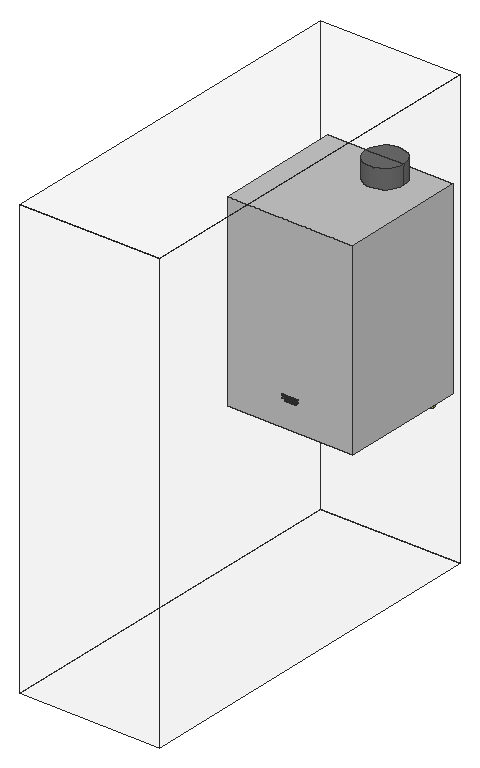
Revit family "Remeha_QuintaAce90_LOD3", category Mechanical Equipment, Revit 2016
Family settings
  Part Type = Normal
  Round Connector Dimension = Use Diameter
  OmniClass Number = 23.75.10.11.14
  OmniClass Title = Hot Water Heat Generators
  Work Plane-Based = No
  Always vertical = Yes
  Cut with Voids When Loaded = Yes
  Shared = No
  Room Calculation Point = No
Parameters (values of type "100/150 Concentric Flue Connection - 150 Connector")
  Weekly = ""
  Water Treatment Required = yes
  Water Content = 9.4 L
  Warranty ID = ""
  Voltage = 230 V
  URL = ""
  Type = "Space heating"
  Turndown Ratio = "5.89:1"
  Text Material = Paint - Black
  Supply Phase = 1
  Starting Current = 0 A
  Sound Pressure Level = "51.6"
  Shipping Weight = 76.50 kg
  Shape = "Rectangular (Vertical)"
  Safety Valve Connection Type = "Unset"
  Safety Valve Connection Size = 0.00 mm
  Responsible Sourcing of Materials = ""
  Responsible Extraction of Materials = ""
  Reference Standard = "GAR 2016/426, BED 92/42/EEC, ErP 2009/125/EC"
  Rated Output = 84200 W
  Rated Criteria = "80/60"
  Quarterly = ""
  Product Range = "Quinta Ace 90"
  Product Model Number = ""
  Product Literature = "https://www.remeha.co.uk/products/wall-hung-range/quinta-ace-30-115"
  Primary Fuel = "Gas - NG"
  Overall Width = 500.00 mm
  Overall Length = 500.00 mm
  Overall Height = 750.00 mm
  Optional Fuel = "LPG"
  Operation and Maintenance Manual = "https://www.remeha.co.uk/products/wall-hung-range/quinta-ace-30-115"
  Oil Consumption rate = 0
  Nominal Oil Inlet Pressure = 0.00000 bar
  Nominal Gas Inlet Pressure = 0.02000 bar
  NOx Emissions = "29"
  Mounting = "Wall Mounted"
  Monthly = ""
  Model = ""
  Minimum Power Consumption = 26 W
  Minimum Operating Pressure = 0.80000 bar
  Minimum Oil Inlet Pressure = 0.00000 bar
  Minimum Gas Inlet Pressure = 0.01700 bar
  Minimum Flow Rate at 20C temperature differential = 1.01 L/s
  Minimum Flow Rate at 11C temperature differential = 1.83 L/s
  Maximum Power Consumption = 114 W
  Maximum Operating Pressure = 4.00000 bar
  Maximum Oil Inlet Pressure = 0.00000 bar
  Maximum Gas Inlet Pressure = 0.02500 bar
  Material Ingredient Reporting = ""
  Manufacturer Website = "www.remeha.co.uk"
  Manufacturer = "Remeha Commercial"
  Maintenance Required 8001 to 12000hrs = ""
  Maintenance Required 601 to 1000hrs = ""
  Maintenance Required 4001 to 8000hrs = ""
  Maintenance Required 301 to 600hrs = ""
  Maintenance Required 2001 to 4000hrs = ""
  Maintenance Required 1001 to 2000hrs = ""
  Maintenance Required 0 to 300hrs = ""
  Location of Manufacturer = ""
  Load Classification = none
  Life Cycle Analysis = ""
  Interlocks = yes
  IfcExportType = "NOTDEFINED"  # constant formula
  IfcExportAs = "IfcBoilerType"  # constant formula
  IP Rating = "X4D"
  IK Rating = "Not Required"
  Hydraulic Resistance at 20C temperature differential = 0.15300 bar
  Hydraulic Resistance at 11C temperature differential = 0.50600 bar
  Heater Operation = "Condensing"
  Heat Exchanger Material = "Aluminium"
  Gross Weight = 74.60 kg
  Green Guide for Specification = ""
  Gas Consumption rate = "9.1"
  Fuse Rating = 2.5 A
  Full Load Current = 0 A
  Fuel Connection Type = "Threaded"
  Fuel Connection Size = 20.00 mm
  Frequency = 50 Hz
  Flue or Air Intake Classification = "B23P,B33,C13,C33,C53,C63,C93"
  Flue Radius = Air Inlet Connection Size / 2  # 75.00 mm
  Flue Connector Size = 150 mm
  Flue Connection size = 100.00 mm
  Flow and Return Connection Type = "Threaded"
  Flow and Return Connection Size = 32.00 mm
  Finish = "High Polish Gardner 60 GRAD 91EH"
  Features = "Remeha's Quinta Pro range are compact high efficiency wall hung condensing boilers. Lighter and more efficienct, their small size make them ideally suited to modular arrangments"
  External Material = "Steel"
  Expected Life = "15"
  ErP Seasonal Efficiency = ""
  ErP Rated Efficiency at Part Load = "97.4"
  ErP Rated Efficiency at Full Load = "88.2"
  ErP Energy Label = "0"
  Environmental Product Declaration = ""
  Energy Technology List = "0"
  Embodied Carbon = ""
  Drain Connection Type = "Unset"
  Drain Connection Size = 25.00 mm
  Description = ""
  Daily = ""
  Control Type = "'0 - 10V, Open Therm, Volt free enable, Direct boiler weather compensating control systems available from Remeha as optional extra's."
  Configuration = "Single boiler"
  Condensate Drain Type = "Plain"
  Condensate Drain Size = 32.00 mm
  Colour = "RAL 9016"
  Clearance Box Visibility [instance] = yes
  Classification.Uniclass.Pr.Number [instance] = "Pr_60_60_08_34"
  Classification.Uniclass.Pr.Description [instance] = "Gas fired Condensing Boilers"
  CE Mark = "0063CS3928"
  Burner Control Type = "Modulating"
  Building Regulations Seasonal Efficiency = "95.65"
  Bespoke Timeframe = ""
  BMS Links = yes
  Annually = "As Per Attached URL O&M Manual"
  Air Inlet Connection Size = 150.00 mm
  Additional Technical Details = "https://www.remeha.co.uk/products/wall-hung-range/quinta-ace-30-115"
  Access Clearance Top = 400.00 mm
  Access Clearance Right = 30.00 mm
  Access Clearance Rear = 0.00 mm
  Access Clearance Left = 30.00 mm
  Access Clearance Front = 1000.00 mm
  Access Clearance Bottom = 600.00 mm
  6 Monthly = ""
Types (2, lengths in mm): name | Flue Connector Size
  100/150 Conventional Flue Connection - 100 Connector | 100
  100/150 Concentric Flue Connection - 150 Connector | 150
Reference planes
  plane 1 "Center (Front/Back)": y = 0
  plane 2: z = 0
  plane 3 "Center (Left/Right)": x = 0
  plane 4: y = -50
  plane 5: y = -75
  plane 6: x = -115
  plane 7: x = 59
  plane 8: x = 119.4
  plane 9: x = 200
  plane 10: x = 250
  plane 11: y = -101
  plane 12: x = -250
  plane 13: y = -500
  plane 14: x = -280
  plane 15: x = 280
  plane 16: y = -1500
  plane 17: y = 0
  plane 18: z = 750
  plane 19: z = 1150
  plane 20: z = -600
  plane 21: z = 824.467
Forms (mm)
  Sweep 1, solid, material "101_240_115"
    path origin (453.507, -50, 3000) x (1, 0, 0) y (0, 0, 1)
      loop
        line (-568.507, -3039.462) -> (-568.507, -3000)
    profile origin (-115, -50, -19.731) x (-1, 0, 0) y (0, -1, 0)
      loop
        circle (0, 0) r 21.2
  Sweep 2, solid
    path origin (453.507, -75, 3000) x (1, 0, 0) y (0, 0, 1)
      loop
        line (-394.507, -3012.462) -> (-394.507, -3000)
    profile origin (59, -75, -6.231) x (-1, 0, 0) y (0, -1, 0)
      loop
        circle (0, 0) r 16.25
  Sweep 3, solid, material "229_0_0"
    path origin (687.907, -50, 3000) x (1, 0, 0) y (0, 0, 1)
      loop
        line (-568.507, -3039.662) -> (-568.507, -3000)
    profile origin (119.4, -50, -19.831) x (-1, 0, 0) y (0, -1, 0)
      loop
        circle (0, 0) r 21.2
  Sweep 4, solid, material "229_229_0"
    path origin (768.507, -50, 3000) x (1, 0, 0) y (0, 0, 1)
      loop
        line (-568.507, -3040) -> (-568.507, -3000)
    profile origin (200, -50, -20) x (-1, 0, 0) y (0, -1, 0)
      loop
        circle (0, 0) r 13.5
  Revolve 5, solid, material "51_51_51"
    sketch origin (453.507, -101, 2990) x (1, 0, 0) y (0, 0, 1)
      loop
        line (-394.507, -2240) -> (-319.507, -2240) -> (-319.507, -2165.533) -> (-394.507, -2165.533) -> (-394.507, -2240)
      axis (-394.507, -2165.533) -> (-394.507, -2240)
    angle from 0 to 360
  Extrusion 6, solid, material "192_192_192"
    sketch origin (0, 5.687, 0) x (1, 0, 0) y (0, 1, 0)
      loop
        line (-250, -5.687) -> (-250, -505.688) -> (250, -505.688) -> (250, -5.687) -> (-250, -5.687)
    from 0 to 750
  Extrusion 7, solid, material "Clearance", visible <- "Clearance Box Visibility"
    sketch origin (0, 0, 0) x (1, 0, 0) y (0, 1, 0)
      loop
        line (-280, 0) -> (-280, -1500) -> (280, -1500) -> (280, 0) -> (-280, 0)
    from -600 to 1150
  Extrusion 8, solid, material "Paint - Black" <- "Text Material"
    sketch origin (0, 0, 0) x (1, 0, 0) y (0, 0, 1)
      loop
        line (-30.625, 120.395) -> (-30.625, 118.213) -> (30.625, 118.213) -> (30.625, 120.395) -> (-30.625, 120.395)
      loop
        line (-30.625, 106.032) -> (30.625, 106.032) -> (30.625, 108.213) -> (-30.625, 108.213) -> (-30.625, 106.032)
      loop
        line (-28.307, 116.676) -> (-28.307, 109.282) -> (-20.805, 109.282) -> (-20.805, 112.183) -> (-19.053, 112.183)
        arc (-19.053, 112.183) -> (-18.314, 111.847) -> (-18.083, 111.068) r 0.979
        arc (-18.083, 111.068) -> (-18.083, 110.157) -> (-17.832, 109.282) r 3.272
        line (-17.832, 109.282) -> (-16.376, 109.282)
        arc (-16.376, 109.282) -> (-16.561, 110.336) -> (-16.618, 111.404) r 8.915
        arc (-16.618, 111.404) -> (-16.885, 112.268) -> (-17.601, 112.822) r 1.5
        arc (-17.601, 112.822) -> (-16.323, 115.034) -> (-18.28, 116.676) r 1.987
        line (-18.28, 116.676) -> (-20.805, 116.676) -> (-28.307, 116.676)
      loop
        line (-20.805, 115.402) -> (-20.805, 113.382) -> (-18.787, 113.382)
        arc (-18.787, 113.382) -> (-18.37, 113.534) -> (-18.148, 113.918) r 0.649
        arc (-18.148, 113.918) -> (-18.033, 114.426) -> (-18.159, 114.93) r 1.124
        arc (-18.159, 114.93) -> (-18.505, 115.276) -> (-18.976, 115.402) r 0.944
        line (-18.976, 115.402) -> (-20.805, 115.402)
      loop
        line (-26.948, 115.402) -> (-26.948, 110.655) -> (-22.202, 110.655) -> (-22.202, 115.402) -> (-26.948, 115.402)
      loop
        line (-9.068, 114.754) -> (-10.47, 114.754) -> (-10.47, 109.282) -> (-8.958, 109.282) -> (-8.958, 112.222)
        arc (-8.958, 112.222) -> (-8.681, 113.022) -> (-7.968, 113.478) r 1.291
        arc (-7.968, 113.478) -> (-7.458, 113.497) -> (-6.98, 113.316) r 1.291
        line (-6.98, 113.316) -> (-6.98, 114.889)
        arc (-6.98, 114.889) -> (-8.226, 114.723) -> (-9.068, 113.79) r 1.823
        line (-9.068, 113.79) -> (-9.068, 114.754)
      loop
        line (-5.139, 111.705) -> (-1.277, 111.705)
        arc (-1.277, 111.705) -> (-3.967, 114.88) -> (-6.562, 111.627) r 2.694
        arc (-6.562, 111.627) -> (-4.23, 109.192) -> (-1.394, 111.016) r 2.651
        line (-1.394, 111.016) -> (-2.704, 111.016)
        arc (-2.704, 111.016) -> (-4.224, 110.293) -> (-5.139, 111.705) r 1.276
      loop
        line (-5.147, 112.62) -> (-2.707, 112.62)
        arc (-2.707, 112.62) -> (-3.927, 113.841) -> (-5.147, 112.62) r 1.22
      loop
        line (1.337, 113.988) -> (1.337, 114.776) -> (-0.066, 114.776) -> (-0.066, 109.389) -> (1.396, 109.389) -> (1.396, 112.819)
        arc (1.396, 112.819) -> (2.357, 113.78) -> (3.318, 112.819) r 0.961
        line (3.318, 112.819) -> (3.318, 109.389) -> (4.781, 109.389) -> (4.781, 112.819)
        arc (4.781, 112.819) -> (5.723, 113.761) -> (6.665, 112.819) r 0.942
        line (6.665, 112.819) -> (6.665, 109.389) -> (8.107, 109.389) -> (8.107, 112.925)
        arc (8.107, 112.925) -> (8.131, 113.503) -> (7.91, 114.038) r 1.349
        arc (7.91, 114.038) -> (6.224, 114.92) -> (4.538, 114.038) r 2.053
        arc (4.538, 114.038) -> (2.923, 114.936) -> (1.337, 113.988) r 1.848
      loop
        line (10.835, 111.705) -> (14.697, 111.705)
        arc (14.697, 111.705) -> (12.007, 114.88) -> (9.413, 111.627) r 2.694
        arc (9.413, 111.627) -> (11.745, 109.192) -> (14.58, 111.016) r 2.651
        line (14.58, 111.016) -> (13.271, 111.016)
        arc (13.271, 111.016) -> (11.751, 110.293) -> (10.835, 111.705) r 1.276
      loop
        line (10.827, 112.62) -> (13.268, 112.62)
        arc (13.268, 112.62) -> (12.048, 113.841) -> (10.827, 112.62) r 1.22
      loop
        line (17.364, 116.805) -> (15.821, 116.805) -> (15.821, 109.416) -> (17.364, 109.416) -> (17.364, 112.62)
        arc (17.364, 112.62) -> (18.386, 113.878) -> (19.408, 112.62) r 1.044
        line (19.408, 112.62) -> (19.408, 109.416) -> (20.934, 109.416) -> (20.934, 113.081)
        arc (20.934, 113.081) -> (19.516, 114.929) -> (17.364, 114.038) r 1.913
        line (17.364, 114.038) -> (17.364, 116.805)
      loop
        line (22.242, 113.094) -> (23.722, 113.094)
        arc (23.722, 113.094) -> (23.883, 113.574) -> (24.311, 113.847) r 0.76
        arc (24.311, 113.847) -> (24.781, 113.923) -> (25.255, 113.868) r 1.739
        arc (25.255, 113.868) -> (25.672, 113.375) -> (25.347, 112.817) r 0.559
        arc (25.347, 112.817) -> (24.586, 112.573) -> (23.79, 112.514) r 3.395
        arc (23.79, 112.514) -> (23.01, 112.359) -> (22.39, 111.862) r 1.672
        arc (22.39, 111.862) -> (22.047, 110.754) -> (22.507, 109.69) r 1.672
        arc (22.507, 109.69) -> (23.456, 109.312) -> (24.477, 109.296) r 2.817
        arc (24.477, 109.296) -> (25.226, 109.546) -> (25.673, 110.197) r 1.24
        arc (25.673, 110.197) -> (25.722, 109.795) -> (25.841, 109.407) r 2.328
        line (25.841, 109.407) -> (27.312, 109.407)
        arc (27.312, 109.407) -> (27.148, 109.949) -> (27.093, 110.512) r 2.901
        line (27.093, 110.512) -> (27.093, 113.568)
        arc (27.093, 113.568) -> (26.736, 114.43) -> (25.874, 114.787) r 1.219
        arc (25.874, 114.787) -> (24.773, 114.91) -> (23.672, 114.787) r 4.994
        arc (23.672, 114.787) -> (22.673, 114.18) -> (22.242, 113.094) r 1.837
      loop
        arc (23.575, 111.229) -> (23.583, 110.746) -> (23.888, 110.371) r 0.737
        arc (23.888, 110.371) -> (24.388, 110.254) -> (24.895, 110.337) r 1.324
        arc (24.895, 110.337) -> (25.433, 110.755) -> (25.637, 111.405) r 1.14
        line (25.637, 111.405) -> (25.637, 112.191)
        arc (25.637, 112.191) -> (25.209, 111.86) -> (24.672, 111.801) r 0.999
        arc (24.672, 111.801) -> (24.028, 111.698) -> (23.575, 111.229) r 1.029
      loop
        line (-14.73, 105.293) -> (-14.73, 102.893)
        arc (-14.73, 102.893) -> (-14.262, 101.761) -> (-13.13, 101.293) r 1.6
        line (-13.13, 101.293) -> (-11.33, 101.293)
        arc (-11.33, 101.293) -> (-10.199, 101.761) -> (-9.73, 102.893) r 1.6
        line (-9.73, 102.893) -> (-9.73, 105.293) -> (-10.73, 105.293) -> (-10.73, 102.893)
        arc (-10.73, 102.893) -> (-10.965, 102.327) -> (-11.53, 102.093) r 0.8
        line (-11.53, 102.093) -> (-12.93, 102.093)
        arc (-12.93, 102.093) -> (-13.496, 102.327) -> (-13.73, 102.893) r 0.8
        line (-13.73, 102.893) -> (-13.73, 105.293) -> (-14.73, 105.293)
      loop
        line (23.957, 105.293) -> (19.757, 105.293) -> (19.757, 101.293) -> (23.957, 101.293) -> (23.957, 102.093) -> (20.757, 102.093) -> (20.757, 102.893) -> (23.957, 102.893) -> (23.957, 103.693) -> (20.757, 103.693) -> (20.757, 104.493) -> (23.957, 104.493) -> (23.957, 105.293)
      loop
        line (14.257, 103.693) -> (14.257, 102.893)
        arc (14.257, 102.893) -> (14.726, 101.761) -> (15.857, 101.293) r 1.6
        line (15.857, 101.293) -> (17.657, 101.293)
        arc (17.657, 101.293) -> (18.789, 101.761) -> (19.257, 102.893) r 1.6
        line (19.257, 102.893) -> (18.257, 102.893)
        arc (18.257, 102.893) -> (18.023, 102.327) -> (17.457, 102.093) r 0.8
        line (17.457, 102.093) -> (16.057, 102.093)
        arc (16.057, 102.093) -> (15.492, 102.327) -> (15.257, 102.893) r 0.8
        line (15.257, 102.893) -> (15.257, 103.693)
        arc (15.257, 103.693) -> (15.492, 104.259) -> (16.057, 104.493) r 0.8
        line (16.057, 104.493) -> (17.457, 104.493)
        arc (17.457, 104.493) -> (18.023, 104.259) -> (18.257, 103.693) r 0.8
        line (18.257, 103.693) -> (19.257, 103.693)
        arc (19.257, 103.693) -> (18.789, 104.824) -> (17.657, 105.293) r 1.6
        line (17.657, 105.293) -> (15.857, 105.293)
        arc (15.857, 105.293) -> (14.726, 104.824) -> (14.257, 103.693) r 1.6
      loop
        line (10.851, 105.293) -> (9.07, 101.293) -> (10.164, 101.293) -> (10.521, 102.093) -> (12.619, 102.093) -> (12.975, 101.293) -> (14.07, 101.293) -> (12.289, 105.293) -> (10.851, 105.293)
      loop
        line (10.877, 102.893) -> (12.263, 102.893) -> (11.57, 104.449) -> (10.877, 102.893)
      loop
        line (-20.23, 103.693) -> (-20.23, 102.893)
        arc (-20.23, 102.893) -> (-19.762, 101.761) -> (-18.63, 101.293) r 1.6
        line (-18.63, 101.293) -> (-16.83, 101.293)
        arc (-16.83, 101.293) -> (-16.428, 101.344) -> (-16.052, 101.495) r 1.6
        line (-16.052, 101.495) -> (-15.593, 100.84) -> (-14.937, 101.299) -> (-15.467, 102.055)
        arc (-15.467, 102.055) -> (-15.291, 102.458) -> (-15.23, 102.893) r 1.6
        line (-15.23, 102.893) -> (-15.23, 103.693)
        arc (-15.23, 103.693) -> (-15.699, 104.824) -> (-16.83, 105.293) r 1.6
        line (-16.83, 105.293) -> (-18.63, 105.293)
        arc (-18.63, 105.293) -> (-19.762, 104.824) -> (-20.23, 103.693) r 1.6
      loop
        line (-19.23, 103.693) -> (-19.23, 102.893)
        arc (-19.23, 102.893) -> (-18.996, 102.327) -> (-18.43, 102.093) r 0.8
        line (-18.43, 102.093) -> (-17.03, 102.093)
        arc (-17.03, 102.093) -> (-16.465, 102.327) -> (-16.23, 102.893) r 0.8
        line (-16.23, 102.893) -> (-16.23, 103.693)
        arc (-16.23, 103.693) -> (-16.465, 104.259) -> (-17.03, 104.493) r 0.8
        line (-17.03, 104.493) -> (-18.43, 104.493)
        arc (-18.43, 104.493) -> (-18.996, 104.259) -> (-19.23, 103.693) r 0.8
      loop
        line (-9.23, 105.293) -> (-9.23, 101.293) -> (-8.23, 101.293) -> (-8.23, 105.293) -> (-9.23, 105.293)
      loop
        line (-7.73, 105.293) -> (-7.73, 101.293) -> (-6.73, 101.293) -> (-6.73, 104.493) -> (-4.405, 101.293) -> (-2.73, 101.293) -> (-2.73, 105.293) -> (-3.73, 105.293) -> (-3.73, 102.093) -> (-6.055, 105.293) -> (-7.73, 105.293)
      loop
        line (-2.23, 105.293) -> (-2.23, 104.493) -> (-0.23, 104.493) -> (-0.23, 101.293) -> (0.77, 101.293) -> (0.77, 104.493) -> (2.77, 104.493) -> (2.77, 105.293) -> (-2.23, 105.293)
      loop
        line (3.851, 105.293) -> (2.07, 101.293) -> (3.164, 101.293) -> (3.521, 102.093) -> (5.619, 102.093) -> (5.975, 101.293) -> (7.07, 101.293) -> (5.289, 105.293) -> (3.851, 105.293)
      loop
        line (3.877, 102.893) -> (5.263, 102.893) -> (4.57, 104.449) -> (3.877, 102.893)
    from 500 to 502
Dimensions and locks
  locked: plane 4 to plane 1 "Center (Front/Back)" at 50
  locked: plane 5 to plane 1 "Center (Front/Back)" at 75
  locked: plane 9 to plane 10 at 50
  locked: plane 8 to plane 10 at 130.6
  locked: plane 7 to plane 10 at 191
  locked: plane 6 to plane 10 at 365
  locked: plane 11 to plane 1 "Center (Front/Back)" at 101
  "Flue Radius": Revolve 5 sketch curve to plane 7
  equal spacing: plane 12, plane 3 "Center (Left/Right)", plane 10
  locked: plane 13 to plane 1 "Center (Front/Back)" at 500
  "Access Clearance Front": plane 16 to plane 13
  "Access Clearance Rear": plane 1 "Center (Front/Back)" to plane 17
  locked: plane 12 to plane 10 at 500
  "Access Clearance Right": plane 10 to plane 15
  "Access Clearance Left": plane 14 to plane 12
  "Overall Height": plane 18 to plane 2
  "Access Clearance Bottom": plane 2 to plane 20
  "Access Clearance Top": plane 19 to plane 18
  locked: plane 21 to plane 18 at 74.467
  plane 3 "Center (Left/Right)" to Extrusion 7 = 280.00 mm
  aligned and locked: level to plane 2
  aligned and locked: plane 6 to Sweep 1 sketch curve
  aligned and locked: profile plane to Sweep 1 sketch curve  (x2)
  aligned and locked: profile plane to Sweep 2 sketch curve  (x2)
  aligned and locked: Sweep 2 sketch curve to plane 7
  aligned and locked: profile plane to Sweep 3 sketch curve  (x2)
  aligned and locked: plane 8 to Sweep 3 sketch curve
  aligned and locked: profile plane to Sweep 4 sketch curve  (x2)
  aligned and locked: plane 9 to Sweep 4 sketch curve
  aligned and locked: Revolve 5 sketch curve to plane 7
  aligned and locked: plane 17 to Extrusion 7 sketch curve
  aligned and locked: plane 14 to Extrusion 7 sketch curve
  aligned and locked: Extrusion 7 sketch curve to plane 15
  aligned and locked: Extrusion 7 sketch curve to plane 16
  aligned and locked: Revolve 5 to plane 21
  aligned and locked: Revolve 5 to plane 18
  aligned and locked: Extrusion 7 to plane 19
  aligned and locked: plane 13 to Extrusion 6 sketch curve
  aligned and locked: Extrusion 6 sketch curve to plane 12
  aligned and locked: plane 10 to Extrusion 6 sketch curve
  aligned and locked: plane 1 "Center (Front/Back)" to Extrusion 6 sketch curve
Automatic sketch dimensions
  Sweep 1 sketch curve to level = 0.00 mm
  Sweep 1 sketch curve to level = 39.462 mm
  Sweep 2 sketch curve to level = 0.00 mm
  Sweep 2 sketch curve to level = 12.462 mm
  Sweep 3 sketch curve to level = 0.00 mm
  Sweep 3 sketch curve to Sweep 3 sketch curve = 39.662 mm
  Sweep 4 sketch curve to level = 0.00 mm
  Sweep 4 sketch curve to Sweep 4 sketch curve = 40.00 mm
  Extrusion 8 sketch curve to Extrusion 8 sketch curve = 0.00 mm  (x35)
  Extrusion 8 sketch curve to plane 3 "Center (Left/Right)" = 30.625 mm
  Extrusion 8 sketch curve to Extrusion 8 sketch curve = 2.318 mm
  Extrusion 8 sketch curve to Extrusion 8 sketch curve = 1.36 mm
  Extrusion 8 sketch curve to Extrusion 8 sketch curve = 4.746 mm
  Extrusion 8 sketch curve to Extrusion 8 sketch curve = 1.397 mm  (x2)
  Extrusion 8 sketch curve to Extrusion 8 sketch curve = 0.575 mm
  Extrusion 8 sketch curve to Extrusion 8 sketch curve = 1.00 mm  (x9)
  Extrusion 8 sketch curve to Extrusion 8 sketch curve = 1.648 mm
  Extrusion 8 sketch curve to Extrusion 8 sketch curve = 1.752 mm
  Extrusion 8 sketch curve to Extrusion 8 sketch curve = 0.18 mm
  Extrusion 8 sketch curve to Extrusion 8 sketch curve = 0.19 mm
  Extrusion 8 sketch curve to Extrusion 8 sketch curve = 0.60 mm  (x9)
  Extrusion 8 sketch curve to Extrusion 8 sketch curve = 0.20 mm  (x10)
  Extrusion 8 sketch curve to Extrusion 8 sketch curve = 0.696 mm
  Extrusion 8 sketch curve to Extrusion 8 sketch curve = 0.935 mm
  Extrusion 8 sketch curve to Extrusion 8 sketch curve = 0.286 mm  (x2)
  Extrusion 8 sketch curve to Extrusion 8 sketch curve = 1.40 mm  (x3)
  Extrusion 8 sketch curve to Extrusion 8 sketch curve = 1.456 mm
  Extrusion 8 sketch curve to Extrusion 8 sketch curve = 0.779 mm
  Extrusion 8 sketch curve to Extrusion 8 sketch curve = 0.459 mm
  Extrusion 8 sketch curve to Extrusion 8 sketch curve = 0.584 mm
  Extrusion 8 sketch curve to Extrusion 8 sketch curve = 0.655 mm
  Extrusion 8 sketch curve to Extrusion 8 sketch curve = 1.533 mm
  Extrusion 8 sketch curve to Extrusion 8 sketch curve = 0.50 mm  (x5)
  Extrusion 8 sketch curve to Extrusion 8 sketch curve = 4.373 mm
  Extrusion 8 sketch curve to Extrusion 8 sketch curve = 1.402 mm
  Extrusion 8 sketch curve to Extrusion 8 sketch curve = 1.512 mm
  Extrusion 8 sketch curve to Extrusion 8 sketch curve = 1.255 mm
  Extrusion 8 sketch curve to Extrusion 8 sketch curve = 0.036 mm
  Extrusion 8 sketch curve to Extrusion 8 sketch curve = 0.29 mm
  Extrusion 8 sketch curve to Extrusion 8 sketch curve = 0.396 mm
  Extrusion 8 sketch curve to Extrusion 8 sketch curve = 0.675 mm  (x2)
  Extrusion 8 sketch curve to Extrusion 8 sketch curve = 1.833 mm
  Extrusion 8 sketch curve to Extrusion 8 sketch curve = 0.008 mm  (x2)
  Extrusion 8 sketch curve to Extrusion 8 sketch curve = 2.325 mm
  Extrusion 8 sketch curve to Extrusion 8 sketch curve = 1.22 mm  (x2)
  Extrusion 8 sketch curve to Extrusion 8 sketch curve = 0.001 mm  (x2)
  Extrusion 8 sketch curve to Extrusion 8 sketch curve = 0.009 mm  (x2)
  Extrusion 8 sketch curve to Extrusion 8 sketch curve = 0.043 mm  (x2)
  Extrusion 8 sketch curve to Extrusion 8 sketch curve = 1.172 mm  (x2)
  Extrusion 8 sketch curve to Extrusion 8 sketch curve = 1.31 mm  (x2)
  Extrusion 8 sketch curve to Extrusion 8 sketch curve = 0.117 mm  (x2)
  Extrusion 8 sketch curve to plane 3 "Center (Left/Right)" = 0.23 mm
  Extrusion 8 sketch curve to plane 3 "Center (Left/Right)" = 0.066 mm
  plane 3 "Center (Left/Right)" to Extrusion 8 sketch curve = 0.77 mm
  plane 3 "Center (Left/Right)" to Extrusion 8 sketch curve = 1.337 mm
  plane 3 "Center (Left/Right)" to Extrusion 8 sketch curve = 1.396 mm
  Extrusion 8 sketch curve to Extrusion 8 sketch curve = 1.30 mm
  Extrusion 8 sketch curve to Extrusion 8 sketch curve = 0.961 mm
  Extrusion 8 sketch curve to Extrusion 8 sketch curve = 2.00 mm  (x2)
  Extrusion 8 sketch curve to Extrusion 8 sketch curve = 0.366 mm
  Extrusion 8 sketch curve to Extrusion 8 sketch curve = 1.095 mm  (x4)
  Extrusion 8 sketch curve to Extrusion 8 sketch curve = 0.356 mm  (x8)
  Extrusion 8 sketch curve to Extrusion 8 sketch curve = 1.081 mm
  Extrusion 8 sketch curve to Extrusion 8 sketch curve = 0.719 mm  (x4)
  Extrusion 8 sketch curve to Extrusion 8 sketch curve = 1.463 mm
  Extrusion 8 sketch curve to Extrusion 8 sketch curve = 1.386 mm  (x2)
  Extrusion 8 sketch curve to Extrusion 8 sketch curve = 0.942 mm
  Extrusion 8 sketch curve to Extrusion 8 sketch curve = 0.441 mm
  Extrusion 8 sketch curve to Extrusion 8 sketch curve = 0.137 mm
  Extrusion 8 sketch curve to Extrusion 8 sketch curve = 1.304 mm
  Extrusion 8 sketch curve to Extrusion 8 sketch curve = 2.721 mm
  Extrusion 8 sketch curve to Extrusion 8 sketch curve = 0.33 mm
  Extrusion 8 sketch curve to Extrusion 8 sketch curve = 1.995 mm  (x2)
  Extrusion 8 sketch curve to Extrusion 8 sketch curve = 2.553 mm
  Extrusion 8 sketch curve to Extrusion 8 sketch curve = 1.542 mm  (x2)
  Extrusion 8 sketch curve to Extrusion 8 sketch curve = 1.022 mm
  Extrusion 8 sketch curve to Extrusion 8 sketch curve = 0.635 mm
  Extrusion 8 sketch curve to Extrusion 8 sketch curve = 0.388 mm
  Extrusion 8 sketch curve to Extrusion 8 sketch curve = 1.50 mm
  Extrusion 8 sketch curve to Extrusion 8 sketch curve = 1.526 mm
  Extrusion 8 sketch curve to Extrusion 8 sketch curve = 1.309 mm
  Extrusion 8 sketch curve to Extrusion 8 sketch curve = 1.474 mm
  Extrusion 8 sketch curve to Extrusion 8 sketch curve = 1.48 mm
  Extrusion 8 sketch curve to Extrusion 8 sketch curve = 0.217 mm
  Extrusion 8 sketch curve to Extrusion 8 sketch curve = 3.20 mm  (x2)
  Extrusion 8 sketch curve to Extrusion 8 sketch curve = 0.355 mm
  Extrusion 8 sketch curve to Extrusion 8 sketch curve = 0.558 mm
  Extrusion 8 sketch curve to Extrusion 8 sketch curve = 0.158 mm
  Extrusion 8 sketch curve to Extrusion 8 sketch curve = 0.205 mm
  Extrusion 8 sketch curve to Extrusion 8 sketch curve = 0.406 mm
  Extrusion 8 sketch curve to Extrusion 8 sketch curve = 0.064 mm
  Extrusion 8 sketch curve to Extrusion 8 sketch curve = 0.024 mm
  Extrusion 8 sketch curve to Extrusion 8 sketch curve = 0.293 mm
  Extrusion 8 sketch curve to Extrusion 8 sketch curve = 0.386 mm
  Extrusion 8 sketch curve to Extrusion 8 sketch curve = 0.353 mm
  Extrusion 8 sketch curve to Extrusion 8 sketch curve = 0.28 mm
  Extrusion 8 sketch curve to Extrusion 8 sketch curve = 0.818 mm
  Extrusion 8 sketch curve to Extrusion 8 sketch curve = 1.068 mm
  Extrusion 8 sketch curve to Extrusion 8 sketch curve = 0.759 mm
  Extrusion 8 sketch curve to Extrusion 8 sketch curve = 1.219 mm
  Extrusion 8 sketch curve to Extrusion 8 sketch curve = 0.219 mm
  Extrusion 8 sketch curve to Extrusion 8 sketch curve = 0.906 mm
  Extrusion 8 sketch curve to Extrusion 8 sketch curve = 4.751 mm
  Extrusion 8 sketch curve to Extrusion 8 sketch curve = 0.631 mm
  level to Extrusion 8 sketch curve = 100.84 mm
  Extrusion 8 sketch curve to Extrusion 8 sketch curve = 0.453 mm  (x3)
  Extrusion 8 sketch curve to Extrusion 8 sketch curve = 0.80 mm  (x16)
  Extrusion 8 sketch curve to Extrusion 8 sketch curve = 1.556 mm  (x2)
  Extrusion 8 sketch curve to Extrusion 8 sketch curve = 2.40 mm  (x2)
  Extrusion 8 sketch curve to Extrusion 8 sketch curve = 0.044 mm
  Extrusion 8 sketch curve to Extrusion 8 sketch curve = 1.60 mm
  Extrusion 8 sketch curve to Extrusion 8 sketch curve = 0.844 mm
  Extrusion 8 sketch curve to Extrusion 8 sketch curve = 2.339 mm
  Extrusion 8 sketch curve to Extrusion 8 sketch curve = 2.181 mm  (x2)
  Extrusion 8 sketch curve to Extrusion 8 sketch curve = 3.989 mm  (x2)
  Extrusion 8 sketch curve to Extrusion 8 sketch curve = 1.069 mm
  Extrusion 8 sketch curve to Extrusion 8 sketch curve = 4.096 mm
  Extrusion 8 sketch curve to Extrusion 8 sketch curve = 4.114 mm
  Extrusion 8 sketch curve to Extrusion 8 sketch curve = 4.124 mm
  Extrusion 8 sketch curve to Extrusion 8 sketch curve = 0.509 mm
  Extrusion 8 sketch curve to Extrusion 8 sketch curve = 0.234 mm
  Extrusion 8 sketch curve to Extrusion 8 sketch curve = 0.62 mm  (x2)
  Extrusion 8 sketch curve to Extrusion 8 sketch curve = 1.331 mm
  Extrusion 8 sketch curve to Extrusion 8 sketch curve = 1.374 mm
  Extrusion 8 sketch curve to Extrusion 8 sketch curve = 0.249 mm
  Extrusion 8 sketch curve to Extrusion 8 sketch curve = 0.059 mm
  Extrusion 8 sketch curve to Extrusion 8 sketch curve = 0.213 mm
  Extrusion 8 sketch curve to Extrusion 8 sketch curve = 1.599 mm
  Extrusion 8 sketch curve to Extrusion 8 sketch curve = 1.627 mm
  Extrusion 8 sketch curve to Extrusion 8 sketch curve = 1.922 mm
  Extrusion 8 sketch curve to Extrusion 8 sketch curve = 2.062 mm
  Extrusion 8 sketch curve to Extrusion 8 sketch curve = 0.346 mm
  Extrusion 8 sketch curve to Extrusion 8 sketch curve = 0.506 mm  (x2)
  Extrusion 8 sketch curve to Extrusion 8 sketch curve = 0.173 mm
  Extrusion 8 sketch curve to Extrusion 8 sketch curve = 0.303 mm  (x2)
  Extrusion 8 sketch curve to Extrusion 8 sketch curve = 0.496 mm
  Extrusion 8 sketch curve to Extrusion 8 sketch curve = 0.979 mm
  Extrusion 8 sketch curve to Extrusion 8 sketch curve = 0.606 mm
  Extrusion 8 sketch curve to Extrusion 8 sketch curve = 0.363 mm  (x2)
  Extrusion 8 sketch curve to Extrusion 8 sketch curve = 0.786 mm
  Extrusion 8 sketch curve to Extrusion 8 sketch curve = 0.879 mm
  Extrusion 8 sketch curve to Extrusion 8 sketch curve = 3.204 mm
  Extrusion 8 sketch curve to Extrusion 8 sketch curve = 0.434 mm  (x2)
  Extrusion 8 sketch curve to Extrusion 8 sketch curve = 0.603 mm
  Extrusion 8 sketch curve to Extrusion 8 sketch curve = 1.192 mm
  Extrusion 8 sketch curve to Extrusion 8 sketch curve = 0.214 mm
  Extrusion 8 sketch curve to Extrusion 8 sketch curve = 0.048 mm
  Extrusion 8 sketch curve to Extrusion 8 sketch curve = 0.106 mm
  Extrusion 8 sketch curve to Extrusion 8 sketch curve = 0.209 mm
  Extrusion 8 sketch curve to Extrusion 8 sketch curve = 0.461 mm
  Extrusion 8 sketch curve to Extrusion 8 sketch curve = 0.269 mm
  Extrusion 8 sketch curve to Extrusion 8 sketch curve = 0.012 mm
  Extrusion 8 sketch curve to Extrusion 8 sketch curve = 0.11 mm
  Extrusion 8 sketch curve to Extrusion 8 sketch curve = 0.206 mm
  Extrusion 8 sketch curve to Extrusion 8 sketch curve = 0.45 mm
  Extrusion 8 sketch curve to Extrusion 8 sketch curve = 0.539 mm
  Extrusion 8 sketch curve to Extrusion 8 sketch curve = 1.198 mm
  Extrusion 8 sketch curve to Extrusion 8 sketch curve = 0.242 mm
  Extrusion 8 sketch curve to Extrusion 8 sketch curve = 1.568 mm
  Extrusion 8 sketch curve to Extrusion 8 sketch curve = 1.169 mm
  Extrusion 8 sketch curve to Extrusion 8 sketch curve = 0.649 mm
  Extrusion 8 sketch curve to Extrusion 8 sketch curve = 0.382 mm
  Extrusion 8 sketch curve to Extrusion 8 sketch curve = 0.046 mm
  Extrusion 8 sketch curve to Extrusion 8 sketch curve = 0.23 mm
  Extrusion 8 sketch curve to Extrusion 8 sketch curve = 0.963 mm
  Extrusion 8 sketch curve to Extrusion 8 sketch curve = 0.788 mm
  Extrusion 8 sketch curve to Extrusion 8 sketch curve = 4.747 mm
  Extrusion 8 sketch curve to Extrusion 8 sketch curve = 1.119 mm
  Extrusion 8 sketch curve to Extrusion 8 sketch curve = 1.274 mm
  Extrusion 8 sketch curve to Extrusion 8 sketch curve = 2.767 mm
  Extrusion 8 sketch curve to Extrusion 8 sketch curve = 4.645 mm
  Extrusion 8 sketch curve to Extrusion 8 sketch curve = 0.121 mm
  Extrusion 8 sketch curve to Extrusion 8 sketch curve = 0.547 mm
  Extrusion 8 sketch curve to Extrusion 8 sketch curve = 0.591 mm
  Extrusion 8 sketch curve to Extrusion 8 sketch curve = 0.243 mm
  Extrusion 8 sketch curve to Extrusion 8 sketch curve = 0.148 mm
  Extrusion 8 sketch curve to Extrusion 8 sketch curve = 1.573 mm
  Extrusion 8 sketch curve to Extrusion 8 sketch curve = 0.141 mm
  Extrusion 8 sketch curve to Extrusion 8 sketch curve = 0.218 mm
  Extrusion 8 sketch curve to Extrusion 8 sketch curve = 0.171 mm
  Extrusion 8 sketch curve to Extrusion 8 sketch curve = 0.172 mm
  Extrusion 8 sketch curve to Extrusion 8 sketch curve = 0.296 mm
  Revolve 5 sketch curve to plane 7 = 0.00 mm
  Revolve 5 sketch curve to plane 18 = 0.00 mm
  Revolve 5 sketch curve to plane 21 = 0.00 mm
  plane 18 to Revolve 5 sketch curve = 33.884 mm
  Revolve 5 sketch curve to plane 19 = 29.116 mm
  radius of Sweep 1 sketch curve = 21.20 mm
  radius of Sweep 2 sketch curve = 16.25 mm
  radius of Sweep 3 sketch curve = 21.20 mm
  radius of Sweep 4 sketch curve = 13.50 mm
Connectors
  piping at (-115, -50, -39.462), diameter 32, driven by "Flow and Return Connection Size"
    settings: on Sweep 1, index 1, connector inside diameter 609.6 mm, connector length 0.00 mm, flow factor 0, pipe flow 0.0 L/s, pressure drop 0.00000 bar, fitting loss kfactor 0, connector angle 0.00°, fixture units 0, engagement length 0.00 mm, angle of deflection 0.00°, flow configuration 1, flow direction 1, fitting loss method 0, system type 20, joint type 0, gender type 0, connector reference index -1, connector utility 0, adjustable connector no, is connector primary yes, connector description "Return"
  piping at (119.4, -50, -39.662), diameter 32, driven by "Flow and Return Connection Size"
    settings: on Sweep 3, index 2, connector inside diameter 609.6 mm, connector length 0.00 mm, flow factor 0, pipe flow 0.0 L/s, pressure drop 0.00000 bar, fitting loss kfactor 0, connector angle 0.00°, fixture units 0, engagement length 0.00 mm, angle of deflection 0.00°, flow configuration 0, flow direction 2, fitting loss method 0, system type 19, joint type 0, gender type 0, connector reference index -1, connector utility 0, adjustable connector no, is connector primary no, connector description "Flow"
  piping at (200, -50, -40), diameter 20, driven by "Fuel Connection Size"
    settings: on Sweep 4, index 3, connector inside diameter 609.6 mm, connector length 0.00 mm, flow factor 0, pipe flow 0.0 L/s, pressure drop 0.00000 bar, fitting loss kfactor 0, connector angle 0.00°, fixture units 0, engagement length 0.00 mm, angle of deflection 0.00°, flow configuration 1, flow direction 1, fitting loss method 0, system type 22, joint type 0, gender type 0, connector reference index -1, connector utility 0, adjustable connector no, is connector primary no, connector description "Fuel"
  piping at (59, -75, -12.462), diameter 25, driven by "Drain Connection Size"
    settings: on Sweep 2, index 4, connector inside diameter 609.6 mm, connector length 0.00 mm, flow factor 0, pipe flow 0.0 L/s, pressure drop 0.00000 bar, fitting loss kfactor 0, connector angle 0.00°, fixture units 0, engagement length 0.00 mm, angle of deflection 0.00°, flow configuration 1, flow direction 2, fitting loss method 0, system type 16, joint type 0, gender type 0, connector reference index -1, connector utility 0, adjustable connector no, is connector primary no, connector description "Drain"
  hvac at (59, -101, 824.467), driven by "Flue Connector Size"
    settings: on Revolve 5, index 5, duct flow 0.0 L/s, flow factor 0, pres drop 0.00000 bar, loss coef 0, conn angle 0.00°, conn width 304.8 mm, conn height 304.8 mm, conn diameter 150 mm, duct sys type 3, conn prof type 0, flow config 0, flow direction 0, loss method 0, conn ref index -1, conn util no, is conn primary yes, conn desc "Flue"
  electrical at (0, 0, 375), driven by "Voltage", driven by "Maximum Power Consumption"
    settings: on Extrusion 6, index 6, voltage 230 V, apparent load 114 VA, apparent load phase1 0 VA, apparent load phase2 0 VA, apparent load phase3 0 VA, power factor 1, load classification "Other", number of poles 1, system type 30, power factor state 1, is connector primary yes, connector utility no, sub classification motor no, connector description ""
